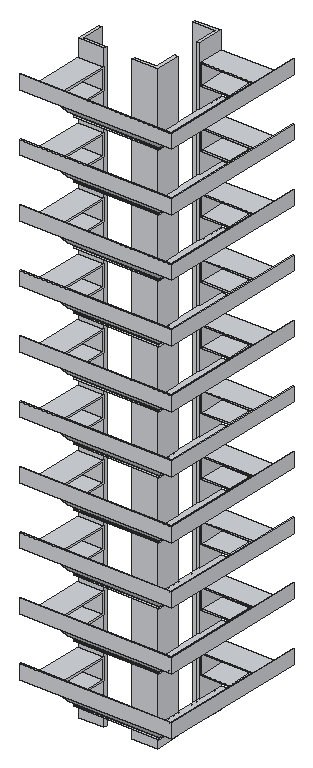
Revit family "ES-EL-6 (Mitered Corner)", category Mechanical Equipment, Revit 2015
Parameters
  URL = "http://unitedenertech.com/catalog/pdf/A_48%20ES-EL-6.pdf"
  Type Comments = "Size is Limited to (12\"w x 12\"l)"
  Model = "ES-EL-6 Mitered Corner"
  Manufacturer = "United Enertech Corporation"
  Exact Height = 4' - 0"
  Description = "6\" Aluminum Equipment Screen Mitered Corner"
  Blade Spacing = 0' - 4.63"
  Blade Number [instance] = rounddown(Exact Height / Blade Spacing)  # 10
Reference planes (in)
  plane 1 "Center (Front/Back)": y = 0
  plane 2: z = 0
  plane 3 "Center (Left/Right)": x = 0
  plane 4: z = 48
Forms (in)
  Extrusion 1, solid
    sketch origin (0, 0, 0) x (1, 0, 0) y (0, 1, 0)
      loop
        line (0, 0) -> (0, 2) -> (-0.25, 2) -> (-0.25, 0.25) -> (-2, 0.25) -> (-2, 0) -> (0, 0)
    from 0 to 48
Dimensions and locks (in)
  "Exact Height": plane 4 to level
  nested 1 to nested 1 = 1' - 0"  (x2)
  equal spacing: group 1, group 2, group 3, group 4, group 5, group 6, group 7, group 8, group 9, group 10  (x2)
  equal spacing: group 10, group 9, group 8, group 7, group 6, group 5, group 4, group 3, group 2, group 1
  "Blade Spacing": nested 2 to nested 1
  aligned and locked: level to plane 2
  aligned and locked: plane 4 to Extrusion 1
  aligned and locked: plane 4 to nested 1  (x2)
Automatic sketch dimensions
  plane 1 "Center (Front/Back)" to Extrusion 1 sketch curve = 0' - 0"
  Extrusion 1 sketch curve to plane 3 "Center (Left/Right)" = 0' - 0"
  Extrusion 1 sketch curve to Extrusion 1 sketch curve = 0' - 0 1/4"
  Extrusion 1 sketch curve to plane 1 "Center (Front/Back)" = 0' - 0 1/4"
  Extrusion 1 sketch curve to Extrusion 1 sketch curve = 0' - 1 3/4"  (x2)
Nested families (in)
  nested 1: "ESEL6MITER" at (5.77206, -5.77206, 39.18457), type "ESEL6MITER"
  nested 2: "ESEL6MITER" at (5.77206, -5.77206, 34.55457), type "ESEL6MITER"
  nested 3: "ESEL6MITER" at (5.77206, -5.77206, 29.92457), type "ESEL6MITER"
  nested 4: "ESEL6MITER" at (5.77206, -5.77206, 25.29457), type "ESEL6MITER"
  nested 5: "ESEL6MITER" at (5.77206, -5.77206, 20.66457), type "ESEL6MITER"
  nested 6: "ESEL6MITER" at (5.77206, -5.77206, 16.03457), type "ESEL6MITER"
  nested 7: "ESEL6MITER" at (5.77206, -5.77206, 11.40457), type "ESEL6MITER"
  nested 8: "ESEL6BRACE" at (0, 6.22794, 0) x (0, 1, 0) z (0, 0, 1), type "ESEL6BRACE"
    with Brace Number 10
  nested 9: "ESEL6BRACE" at (-6.22794, 0, 0) x (-1, 0, 0) z (0, 0, 1), type "ESEL6BRACE"
    with Brace Number 10
  nested 10: "ESEL6MITER" at (5.77206, -5.77206, 6.77457), type "ESEL6MITER"
  nested 11: "ESEL6MITER" at (5.77206, -5.77206, 2.14457), type "ESEL6MITER"
  nested 12: "ESEL6MITER" at (5.77206, -5.77206, -2.48543), type "ESEL6MITER"
Definition of nested family "ESEL6MITER"
  Reference planes (in)
    plane 1 "Center (Front/Back)": y = 0
    plane 2: z = 0
    plane 3 "Center (Left/Right)": x = 0
  Forms (in)
    Extrusion 1, solid
      sketch origin (-12, -3.4822, 4.22319) x (0, 1, 0) y (0, 0, 1)
        loop
          line (3.4822, 4.59224) -> (3.4822, 3.48244) -> (4.22942, 3.12904) -> (4.58807, 2.95942) -> (4.91875, 2.80303) -> (5.18194, 2.66992) -> (5.42533, 2.52411) -> (5.67575, 2.34777) -> (5.92371, 2.14227) -> (6.20479, 1.86804) -> (8.16697, -0.11214) -> (9.17326, -0.11214) -> (9.17326, -0.8925) -> (8.81664, -0.66967) -> (8.77611, -0.73986) -> (9.25426, -1.03862) -> (9.25426, -0.03114) -> (8.24156, -0.03114) -> (6.88367, 1.33921) -> (6.94489, 1.38162) -> (6.98097, 1.4357) -> (6.99278, 1.51374) -> (6.90789, 1.51832)
          arc (6.90789, 1.51832) -> (6.77637, 1.44187) -> (6.86197, 1.56762) r 0.078
          line (6.86197, 1.56762) -> (6.85434, 1.65678) -> (6.80617, 1.65167) -> (6.7622, 1.63717) -> (6.71198, 1.59762) -> (6.68183, 1.5429) -> (6.24533, 1.9834) -> (6.00354, 2.2184) -> (5.80323, 2.38796) -> (5.57247, 2.55821) -> (5.30445, 2.72706) -> (5.07132, 2.85185) -> (4.88576, 2.94031) -> (4.925, 2.98942) -> (4.9413, 3.04178) -> (4.93681, 3.11579) -> (4.84861, 3.10528)
          arc (4.84861, 3.10528) -> (4.74276, 2.99571) -> (4.79275, 3.13962) r 0.078
          line (4.79275, 3.13962) -> (4.74557, 3.22134) -> (4.68272, 3.18505) -> (4.64873, 3.14635) -> (4.63, 3.10319) -> (4.62638, 3.06298) -> (3.5632, 3.56581) -> (3.5632, 4.59224) -> (3.4822, 4.59224)
      from 0 to 12
    Extrusion 2, solid
      sketch origin (3.4822, 12, 4.22319) x (-1, 0, 0) y (0, 0, -1)
        loop
          line (3.4822, -4.59224) -> (3.5632, -4.59224) -> (3.5632, -3.56581) -> (4.62638, -3.06298) -> (4.63, -3.10319) -> (4.64873, -3.14635) -> (4.68272, -3.18505) -> (4.74557, -3.22134) -> (4.79275, -3.13962)
          arc (4.79275, -3.13962) -> (4.74276, -2.99571) -> (4.84861, -3.10528) r 0.078
          line (4.84861, -3.10528) -> (4.93681, -3.11579) -> (4.9413, -3.04178) -> (4.925, -2.98942) -> (4.88576, -2.94031) -> (5.07132, -2.85185) -> (5.30445, -2.72706) -> (5.57247, -2.55821) -> (5.80323, -2.38796) -> (6.00354, -2.2184) -> (6.24533, -1.9834) -> (6.68183, -1.5429) -> (6.71198, -1.59762) -> (6.7622, -1.63717) -> (6.80617, -1.65167) -> (6.85434, -1.65678) -> (6.86197, -1.56762)
          arc (6.86197, -1.56762) -> (6.77637, -1.44187) -> (6.90789, -1.51832) r 0.078
          line (6.90789, -1.51832) -> (6.99278, -1.51374) -> (6.98097, -1.4357) -> (6.94489, -1.38162) -> (6.88367, -1.33921) -> (8.24156, 0.03114) -> (9.25426, 0.03114) -> (9.25426, 1.03862) -> (8.77611, 0.73986) -> (8.81664, 0.66967) -> (9.17326, 0.8925) -> (9.17326, 0.11214) -> (8.16697, 0.11214) -> (6.20479, -1.86804) -> (5.92371, -2.14227) -> (5.67575, -2.34777) -> (5.42533, -2.52411) -> (5.18194, -2.66992) -> (4.91875, -2.80303) -> (4.58807, -2.95942) -> (4.22942, -3.12904) -> (3.4822, -3.48244) -> (3.4822, -4.59224)
      from 0 to 12
    Extrusion 3, void
      sketch origin (-22.73739, -5.56091, 0) x (1, 0, 0) y (0, 1, 0)
        loop
          line (16.42633, 11.87197) -> (10.91162, 13.38669) -> (10.91162, 3.38669) -> (24.91162, 3.38669) -> (16.42633, 11.87197)
      from 0 to 12
    Extrusion 4, void
      sketch origin (-24.25301, -3.76185, 0) x (1, 0, 0) y (0, 1, 0)
        loop
          line (16.49288, 11.52198) -> (24.97816, 3.0367) -> (24.97816, 17.0367) -> (12.97816, 17.0367) -> (16.49288, 11.52198)
      from 0 to 12
  Cuts and joins
    Extrusion 3 cuts Extrusion 2
    Extrusion 4 cuts Extrusion 1
  Dimensions and locks (in)
    aligned and locked: level to plane 2
Definition of nested family "ESEL6BRACE"
  Parameters (values of type "ESEL6BRACE")
    Spacing = 0' - 4.63"
    Height = 4' - 0"
    Brace Number [instance] = rounddown(Height / Spacing)  # 10
  Reference planes (in)
    plane 1 "Center (Front/Back)": y = 0
    plane 2: z = 0
    plane 3 "Center (Left/Right)": x = 0
    plane 4: z = 48
    plane 5: z = 46.65234
  Forms (in)
    Extrusion 1, solid
      sketch origin (-16.51353, -5.17898, 0) x (1, 0, 0) y (0, 1, 0)
        loop
          line (14.51353, 5.17898) -> (16.51353, 5.17898) -> (16.51353, 7.17898) -> (16.26353, 7.17898) -> (16.26353, 5.42898) -> (14.51353, 5.42898) -> (14.51353, 5.17898)
      from 0 to 48
  Dimensions and locks (in)
    "Height": plane 4 to level
    locked: plane 4 to plane 5 at 1.34766
    equal spacing: group 1, group 2, group 3, group 4, group 5, group 6, group 7, group 8, group 9, group 10  (x2)
    equal spacing: group 10, group 9, group 8, group 7, group 6, group 5, group 4, group 3, group 2, group 1
    "Spacing": nested 2 to nested 1
    aligned and locked: level to plane 2
    aligned and locked: plane 4 to Extrusion 1
    aligned and locked: plane 5 to nested 1
    aligned and locked: nested 1 to Extrusion 1
    aligned and locked: plane 3 "Center (Left/Right)" to nested 1
  Automatic sketch dimensions
    plane 1 "Center (Front/Back)" to Extrusion 1 sketch curve = 0' - 0"
    Extrusion 1 sketch curve to plane 3 "Center (Left/Right)" = 0' - 0"
    Extrusion 1 sketch curve to plane 3 "Center (Left/Right)" = 0' - 0 1/4"
    Extrusion 1 sketch curve to Extrusion 1 sketch curve = 0' - 1 3/4"  (x2)
    Extrusion 1 sketch curve to plane 1 "Center (Front/Back)" = 0' - 0 1/4"
  Nested families (in)
    nested 1: "ESEL6BraceOnly" at (-2, -2.25, 45.72176) x (0, 1, 0) z (1, 0, 0), type "ESEL6BraceOnly"
    nested 2: "ESEL6BraceOnly" at (-2, -2.25, 41.09176) x (0, 1, 0) z (1, 0, 0), type "ESEL6BraceOnly"
    nested 3: "ESEL6BraceOnly" at (-2, -2.25, 36.46176) x (0, 1, 0) z (1, 0, 0), type "ESEL6BraceOnly"
    nested 4: "ESEL6BraceOnly" at (-2, -2.25, 31.83176) x (0, 1, 0) z (1, 0, 0), type "ESEL6BraceOnly"
    nested 5: "ESEL6BraceOnly" at (-2, -2.25, 27.20176) x (0, 1, 0) z (1, 0, 0), type "ESEL6BraceOnly"
    nested 6: "ESEL6BraceOnly" at (-2, -2.25, 22.57176) x (0, 1, 0) z (1, 0, 0), type "ESEL6BraceOnly"
    nested 7: "ESEL6BraceOnly" at (-2, -2.25, 17.94176) x (0, 1, 0) z (1, 0, 0), type "ESEL6BraceOnly"
    nested 8: "ESEL6BraceOnly" at (-2, -2.25, 13.31176) x (0, 1, 0) z (1, 0, 0), type "ESEL6BraceOnly"
    nested 9: "ESEL6BraceOnly" at (-2, -2.25, 8.68176) x (0, 1, 0) z (1, 0, 0), type "ESEL6BraceOnly"
    nested 10: "ESEL6BraceOnly" at (-2, -2.25, 4.05176) x (0, 1, 0) z (1, 0, 0), type "ESEL6BraceOnly"
  Definition of nested family "ESEL6BraceOnly"
    Reference planes (in)
      plane 1 "Center (Front/Back)": y = 0
      plane 2: z = 0
      plane 3 "Center (Left/Right)": x = 0
    Forms (in)
      Extrusion 1, solid
        sketch origin (-11.38216, -2.96488, 0) x (1, 0, 0) y (0, 1, 0)
          loop
            arc (11.22889, 2.20371) -> (11.16746, 2.10541) -> (11.26981, 2.15982) r 0.06
            line (11.26981, 2.15982) -> (11.32884, 2.21488) -> (13.63216, 2.21488) -> (13.63216, 3.89546) -> (9.23986, 3.89546) -> (9.1636, 3.77343)
            arc (9.1636, 3.77343) -> (9.12971, 3.66258) -> (9.21449, 3.74163) r 0.06
            line (9.21449, 3.74163) -> (9.25187, 3.80146) -> (13.53816, 3.80146) -> (13.53816, 2.30888) -> (11.34167, 2.30888) -> (11.22889, 2.20371)
        from 0 to 2
    Dimensions and locks (in)
      aligned and locked: level to plane 2
